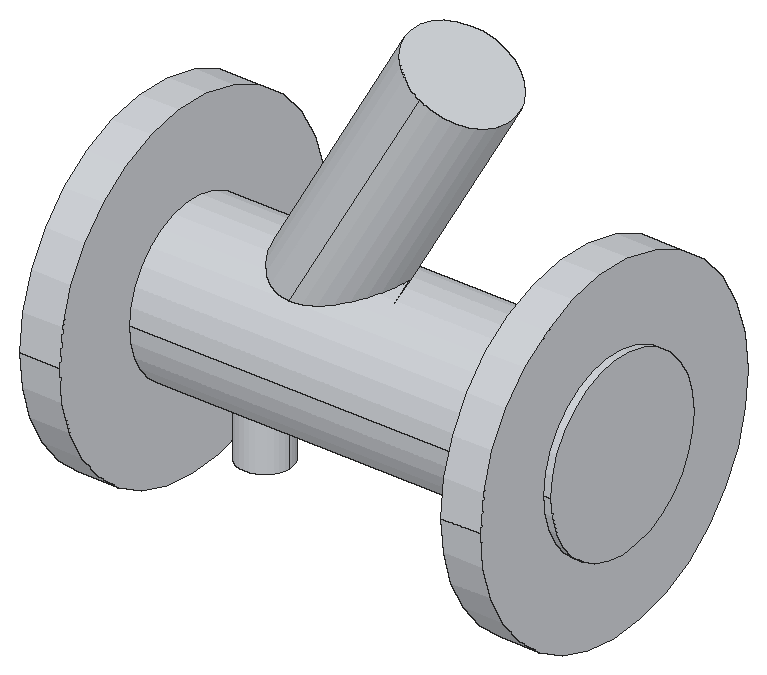
Revit family "HS 821-síto_jemné-PN25-DN020-RFA_2018", category Pipe Accessories, Revit 2018
Family settings
  Round Connector Dimension = Use Diameter
  Part Type = Breaks Into
  Work Plane-Based = No
  Always vertical = Yes
  Cut with Voids When Loaded = No
  Shared = No
Parameters (values of type "821D-DN020-PN25-síto_jemné")
  magiProductId = "270e0f14012f47189cd0235c18faee"
  magiProductFamilyId = "79214ac3aaa945e397802f559f5c1e"
  magiPartTypeId = 307
  isMeasuringValve [instance] = no
  ang2D [instance] = 0.00°
  ZB__ve = -ZB  # -17.75 mm
  ZB1 = 22.68 mm
  ZB = 17.75 mm
  X2 = 51.673 mm
  X1 = 21 mm
  W2D = 15 mm
  VersionID = "2.0/2017.9.26.1/ZETKAMA_821_001"
  Use Minimum Symbol Size [instance] = yes
  URL = "www.hydronic.cz"
  Type Comments = "Filtr přírubový; síto jemné; A-PN16 (-10~300°C); D-PN25 (-10~350°C); F-PN40 (-10~400°C)"
  S = 56 mm
  QmdConnectorList = "301;D;302;D"
  Productdata [instance] = ""
  Manufacturer = "Hydronic Systems Prague s.r.o."
  MC Product Code = "210 220 (821D; DN020; PN25; kvs9,6; oko síta 0,63mm)"
  LM1 = 12 mm
  LM = 120 mm
  L4 = 37.5 mm
  L2D_Min = 3048 mm
  L2D = 130 mm
  L2 = 75 mm
  HH2 = 89.5 mm
  FD = 105 mm
  Description = "Filtr přírubový; síto jemné; 821A-PN16; 821D-PN25; 821F-PN40"
  DM1 = 33.6 mm
  DM = 50.4 mm
  D = 20 mm
  CC = 2.55 mm
  CAT0 = yes
  C1 = 12.45 mm
  C = 15 mm
  BD = 15.876 mm
Types (40, lengths in mm): name | magiProductId | ZB__ve | ZB1 | ZB | X2 | X1 | S | MC Product Code | LM1 | LM | L4 | L2 | HH2 | FD | DM1 | DM | D | CC | C1 | C | BD
  821A-DN015-PN16-síto_jemné | "a71bcfe8b393460598b23e8ddf7dc5" | -16.25 | 18.63 | 16.25 | 46.982 | 18.2 | 46 | "210 115 (821A; DN015; PN16; kvs6,2; oko síta 0,63mm)" | 10.4 | 104 | 32.5 | 65 | 81.375 | 95 | 27.6 | 41.4 | 15 | 2.21 | 10.79 | 13 | 13.041
  821A-DN020-PN16-síto_jemné | "41cd6c7a12924f4991217528336076" | -17.75 | 22.68 | 17.75 | 51.673 | 21 | 56 | "210 120 (821A; DN020; PN16; kvs9,6; oko síta 0,63mm)" | 12 | 120 | 37.5 | 75 | 89.5 | 105 | 33.6 | 50.4 | 20 | 2.55 | 12.45 | 15 | 15.876
  821A-DN025-PN16-síto_jemné | "be378b463ed14c3abf4c9b3ae8cf3a" | -19.25 | 26.325 | 19.25 | 58.601 | 22.4 | 65 | "210 125 (821A; DN025; PN16; kvs14,2; oko síta 0,63mm)" | 12.8 | 128 | 40 | 80 | 101.5 | 115 | 43.2 | 58.5 | 25 | 2.72 | 13.28 | 16 | 18.427
  821A-DN032-PN16-síto_jemné | "227a0d18b21540afabe8b6067d35fa" | -23 | 30.78 | 23 | 68.849 | 25.2 | 76 | "210 132 (821A; DN032; PN16; kvs23,1; oko síta 0,63mm)" | 14.4 | 144 | 45 | 90 | 119.25 | 140 | 50.4 | 68.4 | 32 | 3.06 | 14.94 | 18 | 21.546
  821A-DN040-PN16-síto_jemné | "d106917c74724141a10440112d0102" | -24.5 | 34.02 | 24.5 | 75.777 | 28 | 84 | "210 140 (821A; DN040; PN16; kvs36,6; oko síta 0,63mm)" | 16 | 160 | 50 | 100 | 131.25 | 150 | 60 | 75.6 | 40 | 3.4 | 16.6 | 20 | 23.814
  821A-DN050-PN16-síto_jemné | "8255d456a09e4f6486734f5dd9171b" | -26.75 | 40.095 | 26.75 | 79.061 | 32.2 | 99 | "210 150 (821A; DN050 PN16; kvs53,7; oko síta 0,63mm)" | 18.4 | 184 | 57.5 | 115 | 136.938 | 165 | 73.8 | 89.1 | 50 | 3.91 | 19.09 | 23 | 28.066
  821A-DN065-PN16-síto_jemné | "235b1b3e4c0843779a4d5e3716d40a" | -29.75 | 47.79 | 29.75 | 86.927 | 40.6 | 118 | "210 165 (821A; DN065; PN16; kvs95,1; oko síta 0,63mm)" | 23.2 | 232 | 72.5 | 145 | 150.562 | 185 | 94.2 | 106.2 | 65 | 4.93 | 24.07 | 29 | 33.453
  821A-DN080-PN16-síto_jemné | "a067f7c5236348ed8c820d16df7214" | -32 | 53.46 | 32 | 104.753 | 43.4 | 132 | "210 180 (821A; DN080; PN16; kvs137,1; oko síta 0,63mm)" | 24.8 | 248 | 77.5 | 155 | 181.438 | 200 | 107.4 | 118.8 | 80 | 5.27 | 25.73 | 31 | 37.422
  821A-DN100-PN16-síto_jemné | "c49a648c2747461285837d643703cd" | -35 | 63.18 | 35 | 114.857 | 49 | 156 | "210 190 (821A; DN100; PN16; kvs206,4; oko síta 0,63mm)" | 28 | 280 | 87.5 | 175 | 198.937 | 220 | 131.4 | 140.4 | 100 | 5.95 | 29.05 | 35 | 44.226
  821A-DN125-PN16-síto_jemné | "bf68e728a163493cbd2a663b26ebdc" | -39.5 | 74.52 | 39.5 | 131.888 | 56 | 184 | "210 191 (821A; DN125; PN16; kvs268,8; oko síta 0,63mm)" | 32 | 320 | 100 | 200 | 228.438 | 250 | 165 | 165.6 | 125 | 6.8 | 33.2 | 40 | 52.164
  821A-DN150-PN16-síto_jemné | "2de770284b654863ae6bc865769dc5" | -44.75 | 85.455 | 44.75 | 155.885 | 67.2 | 211 | "210 192 (821A; DN150; PN16; kvs401,4; oko síta 0,63mm)" | 38.4 | 384 | 120 | 240 | 270 | 285 | 192 | 189.9 | 150 | 8.16 | 39.84 | 48 | 59.818
  821A-DN200-PN16-síto_jemné | "8e5693371ab64aabb29a7f08c76e15" | -53 | 107.73 | 53 | 188.361 | 84 | 266 | "210 193 (821A; DN200; PN16; kvs706,7; oko síta 0,63mm)" | 48 | 480 | 150 | 300 | 326.25 | 340 | 252 | 239.4 | 200 | 10.2 | 49.8 | 60 | 75.411
  821A-DN250-PN16-síto_jemné | "05e37ed948c34047acdd4c42556504" | -62.75 | 129.195 | 62.75 | 255.911 | 102.2 | 319 | "210 194 (821A; DN250; PN16; kvs1229,4; oko síta 0,63mm)" | 58.4 | 584 | 182.5 | 365 | 443.25 | 405 | 309.6 | 287.1 | 250 | 12.41 | 60.59 | 73 | 90.436
  821A-DN300-PN16-síto_jemné | "9ad0af747269428da925480d83ce80" | -71 | 149.85 | 71 | 325.914 | 119 | 370 | "210 195 (821A; DN300; PN16; kvs1902,4; oko síta 0,63mm)" | 68 | 680 | 212.5 | 425 | 564.5 | 460 | 369.6 | 333 | 300 | 14.45 | 70.55 | 85 | 104.895
  821A-DN350-PN16-síto_jemné | "eebc71459bb3451bb4355e7951370a" | -80 | 173.745 | 80 | 356.875 | 137.2 | 429 | "200 196 (821A; DN350; PN16; kvs2611,0; oko síta 0,63mm)" | 78.4 | 784 | 245 | 490 | 618.125 | 520 | 438 | 386.1 | 350 | 16.66 | 81.34 | 98 | 121.621
  821A-DN400-PN16-síto_jemné | "d2f677cb196647e385b2590e7d8abe" | -89 | 194.4 | 89 | 392.237 | 154 | 480 | "210 197 (821A; DN400; PN16; kvs3438,4; oko síta 0,63mm)" | 88 | 880 | 275 | 550 | 679.375 | 580 | 498 | 432 | 400 | 18.7 | 91.3 | 110 | 136.08
  821D-DN015-PN25-síto_jemné | "27ddcbf555414f8ca1fde329bf9087" | -16.25 | 18.63 | 16.25 | 46.982 | 18.2 | 46 | "210 215 (821D; DN015; PN25; kvs6,2; oko síta 0,63mm)" | 10.4 | 104 | 32.5 | 65 | 81.375 | 95 | 27.6 | 41.4 | 15 | 2.21 | 10.79 | 13 | 13.041
  821D-DN020-PN25-síto_jemné | "270e0f14012f47189cd0235c18faee" | -17.75 | 22.68 | 17.75 | 51.673 | 21 | 56 | "210 220 (821D; DN020; PN25; kvs9,6; oko síta 0,63mm)" | 12 | 120 | 37.5 | 75 | 89.5 | 105 | 33.6 | 50.4 | 20 | 2.55 | 12.45 | 15 | 15.876
  821D-DN025-PN25-síto_jemné | "b9a7fb4aa36643878c637d8e1ab992" | -19.25 | 26.325 | 19.25 | 58.601 | 22.4 | 65 | "210 225 (821D; DN025; PN25; kvs14,2; oko síta 0,63mm)" | 12.8 | 128 | 40 | 80 | 101.5 | 115 | 43.2 | 58.5 | 25 | 2.72 | 13.28 | 16 | 18.427
  821D-DN032-PN25-síto_jemné | "6be9a55c4e68400f94eec7e804204c" | -23 | 30.78 | 23 | 68.849 | 25.2 | 76 | "210 232 (821D; DN032; PN25; kvs23,1; oko síta 0,63mm)" | 14.4 | 144 | 45 | 90 | 119.25 | 140 | 50.4 | 68.4 | 32 | 3.06 | 14.94 | 18 | 21.546
  821D-DN040-PN25-síto_jemné | "c54511bd7f584ec2984291479612cb" | -24.5 | 34.02 | 24.5 | 75.777 | 28 | 84 | "210 240 (821D; DN040; PN25; kvs36,6; oko síta 0,63mm)" | 16 | 160 | 50 | 100 | 131.25 | 150 | 60 | 75.6 | 40 | 3.4 | 16.6 | 20 | 23.814
  821D-DN050-PN25-síto_jemné | "5483b1f596b04cd39b23a14a22c90e" | -26.75 | 40.095 | 26.75 | 79.061 | 32.2 | 99 | "210 250 (821D; DN050; PN25; kvs53,7; oko síta 0,63mm)" | 18.4 | 184 | 57.5 | 115 | 136.938 | 165 | 73.8 | 89.1 | 50 | 3.91 | 19.09 | 23 | 28.066
  821D-DN065-PN25-síto_jemné | "767b0f8318e94750bc7a9930ed5b30" | -29.75 | 47.79 | 29.75 | 86.927 | 40.6 | 118 | "210 265 (821D; DN065; PN25; kvs95,1; oko síta 0,63mm)" | 23.2 | 232 | 72.5 | 145 | 150.562 | 185 | 94.2 | 106.2 | 65 | 4.93 | 24.07 | 29 | 33.453
  821D-DN080-PN25-síto_jemné | "e21040fa3cc2404b858198f6b73709" | -32 | 53.46 | 32 | 104.753 | 43.4 | 132 | "210 280 (821D; DN080; PN25; kvs137,1; oko síta 0,63mm)" | 24.8 | 248 | 77.5 | 155 | 181.438 | 200 | 107.4 | 118.8 | 80 | 5.27 | 25.73 | 31 | 37.422
  821D-DN100-PN25-síto_jemné | "175ca87a506b40b3bc6b82f12f33cf" | -37.25 | 63.18 | 37.25 | 114.857 | 49 | 156 | "210 290 (821D; DN100; PN25; kvs206,4; oko síta 0,63mm)" | 28 | 280 | 87.5 | 175 | 198.937 | 235 | 131.4 | 140.4 | 100 | 5.95 | 29.05 | 35 | 44.226
  821D-DN125-PN25-síto_jemné | "77cc98d60da24855999a22dff726b2" | -42.5 | 74.52 | 42.5 | 131.888 | 56 | 184 | "210 291 (821D; DN125; PN25; kvs268,8; oko síta 0,63mm)" | 32 | 320 | 100 | 200 | 228.438 | 270 | 165 | 165.6 | 125 | 6.8 | 33.2 | 40 | 52.164
  821D-DN150-PN25-síto_jemné | "9cf8acfcd15547d68e83172d3abcbe" | -47 | 85.455 | 47 | 155.885 | 67.2 | 211 | "210 292 (821D; DN150; PN25; kvs401,4; oko síta 0,63mm)" | 38.4 | 384 | 120 | 240 | 270 | 300 | 192 | 189.9 | 150 | 8.16 | 39.84 | 48 | 59.818
  821D-DN200-PN25-síto_jemné | "16973f3c9ea14389ba8602495a6b64" | -56 | 110.97 | 56 | 188.361 | 84 | 274 | "210 293 (821D; DN200; PN25; kvs706,7; oko síta 0,63mm)" | 48 | 480 | 150 | 300 | 326.25 | 360 | 252 | 246.6 | 200 | 10.2 | 49.8 | 60 | 77.679
  821F-DN015-PN40-síto_jemné | "4c7eaf3c4c0340888b3e684d8a8616" | -16.25 | 18.225 | 16.25 | 46.982 | 18.2 | 45 | "250 615 (821F; DN015; PN40; kvs6,2; oko síta 0,63mm)" | 10.4 | 104 | 32.5 | 65 | 81.375 | 95 | 27.6 | 40.5 | 15 | 2.21 | 10.79 | 13 | 12.757
  821F-DN020-PN40-síto_jemné | "aaac5f1ec96b44d6ba96ac2293d66d" | -17.75 | 23.49 | 17.75 | 51.673 | 21 | 58 | "250 620 (821F; DN020; PN40; kvs9,6; oko síta 0,63mm)" | 12 | 120 | 37.5 | 75 | 89.5 | 105 | 33.6 | 52.2 | 20 | 2.55 | 12.45 | 15 | 16.443
  821F-DN025-PN40-síto_jemné | "504768023968471481789485b54c7e" | -19.25 | 27.54 | 19.25 | 58.601 | 22.4 | 68 | "250 625 (821F; DN025; PN40; kvs14,2; oko síta 0,63mm)" | 12.8 | 128 | 40 | 80 | 101.5 | 115 | 43.2 | 61.2 | 25 | 2.72 | 13.28 | 16 | 19.278
  821F-DN032-PN40-síto_jemné | "165e7f39cf744f329bdf1c400dad12" | -23 | 31.59 | 23 | 68.849 | 25.2 | 78 | "250 632 (821F; DN032; PN40; kvs23,1; oko síta 0,63mm)" | 14.4 | 144 | 45 | 90 | 119.25 | 140 | 50.4 | 70.2 | 32 | 3.06 | 14.94 | 18 | 22.113
  821F-DN040-PN40-síto_jemné | "b8903f952089408fbf3a5a632bab1f" | -24.5 | 35.64 | 24.5 | 75.777 | 28 | 88 | "250 640 (821F; DN040; PN40; kvs36,6; oko síta 0,63mm)" | 16 | 160 | 50 | 100 | 131.25 | 150 | 60 | 79.2 | 40 | 3.4 | 16.6 | 20 | 24.948
  821F-DN050-PN40-síto_jemné | "c451f97266fe48da8f879cb6a2bd44" | -26.75 | 41.31 | 26.75 | 79.061 | 32.2 | 102 | "250 650 (821F; DN050; PN40; kvs53,7; oko síta 0,63mm)" | 18.4 | 184 | 57.5 | 115 | 136.938 | 165 | 73.8 | 91.8 | 50 | 3.91 | 19.09 | 23 | 28.917
  821F-DN065-PN40-síto_jemné | "dc9821e3f9b34e128f6a8c6b34c198" | -29.75 | 49.41 | 29.75 | 86.927 | 40.6 | 122 | "250 665 (821F; DN065; PN40; kvs95,1; oko síta 0,63mm)" | 23.2 | 232 | 72.5 | 145 | 150.562 | 185 | 94.2 | 109.8 | 65 | 4.93 | 24.07 | 29 | 34.587
  821F-DN080-PN40-síto_jemné | "689aa1e260f84cf4994f027a1d86b5" | -32 | 55.89 | 32 | 104.753 | 43.4 | 138 | "250 680 (821F; DN080; PN40; kvs137,1; oko síta 0,63mm)" | 24.8 | 248 | 77.5 | 155 | 181.438 | 200 | 107.4 | 124.2 | 80 | 5.27 | 25.73 | 31 | 39.123
  821F-DN100-PN40-síto_jemné | "8a45d4e8e2ab425f8c432f21d684f3" | -37.25 | 65.61 | 37.25 | 114.857 | 49 | 162 | "250 690 (821F; DN100; PN40; kvs206,4; oko síta 0,63mm)" | 28 | 280 | 87.5 | 175 | 198.937 | 235 | 131.4 | 145.8 | 100 | 5.95 | 29.05 | 35 | 45.927
  821F-DN125-PN40-síto_jemné | "cf073904c006406b8645afa67ea2fc" | -42.5 | 76.14 | 42.5 | 131.888 | 56 | 188 | "250 691 (821F; DN125; PN40; kvs268,8; oko síta 0,63mm)" | 32 | 320 | 100 | 200 | 228.438 | 270 | 165 | 169.2 | 125 | 6.8 | 33.2 | 40 | 53.298
  821F-DN150-PN40-síto_jemné | "0153b9ddabe14992a630484929fdbc" | -47 | 88.29 | 47 | 155.885 | 67.2 | 218 | "250 692 (821F; DN150; PN40; kvs401,4; oko síta 0,63mm)" | 38.4 | 384 | 120 | 240 | 270 | 300 | 192 | 196.2 | 150 | 8.16 | 39.84 | 48 | 61.803
  821F-DN200-PN40-síto_jemné | "7fb3fc01dd8d42428c203e3f8dd4d5" | -56 | 115.425 | 56 | 188.361 | 84 | 285 | "250 693 (821F; DN200; PN40; kvs706,7; oko síta 0,63mm)" | 48 | 480 | 150 | 300 | 326.25 | 360 | 252 | 256.5 | 200 | 10.2 | 49.8 | 60 | 80.797
Reference planes
  plane 1 "Center (Front/Back)": y = 0
  plane 2 "XYPLANE": z = 0
  plane 3 "Center (Left/Right)": x = 0
  plane 4 "109": x = -48
  plane 5 "108": x = 60
  plane 6 "107": x = -60
  plane 7 "105": x = 75
  plane 8 "104": x = -75
  plane 9 "103": y = 0
  plane 10 "102": z = 0
  plane 11 "101": x = -72.45
  plane 12 "100": x = 72.45
  plane 13 "11": x = -27
  plane 14 "10": z = 89.5
  plane 15 "9": x = 24.673
  plane 16 "5": z = -22.68
  plane 17 "4": x = -37.5
  plane 18 "1": x = 37.5
Forms (mm)
  Extrusion 1, solid, visible <- "CAT0"
    sketch origin (-60, -750, 0) x (0, 1, 0) y (0, 0, 1)
      loop
        circle (750, 0) r 25.2
    from 0 to 120 <- "LM"
  Extrusion 2, solid
    sketch origin (-75, -750, 0) x (0, 1, 0) y (0, 0, 1)
      loop
        circle (750, 0) r 28
    from 0 to 2.55 <- "CC"
  Extrusion 3, solid
    sketch origin (-72.45, -750, 0) x (0, 1, 0) y (0, 0, 1)
      loop
        circle (750, 0) r 52.5
    from 0 to 12.45 <- "C1"
  Extrusion 4, solid
    sketch origin (60, -750, 0) x (0, 1, 0) y (0, 0, 1)
      loop
        circle (750, 0) r 52.5
    from 0 to 12.45 <- "C1"
  Extrusion 5, solid
    sketch origin (72.45, -750, 0) x (0, 1, 0) y (0, 0, 1)
      loop
        circle (750, 0) r 28
    from 0 to 2.55 <- "CC"
  Sweep 6, solid, visible <- "CAT0"
    path origin (750, 0, 0) x (-1, 0, 0) y (0, 0, 1)
      loop
        line (810, 0) -> (777, 0) -> (725.327, 89.5)
    profile origin (-60, 0, 0) x (0, 0, -1) y (0, 1, 0)
      loop
        circle (0, 0) r 16.8
  Extrusion 7, solid, visible <- "CAT0"
    sketch origin (-750, 0, -22.68) x (1, 0, 0) y (0, 1, 0)
      loop
        circle (712.5, 0) r 7.938
    from 0 to -17.75 <- "ZB__ve"
  Extrusion 8, solid, visible <- "CAT0"
    sketch origin (-750, 0, -22.68) x (1, 0, 0) y (0, 1, 0)
      loop
        circle (787.5, 0) r 7.938
    from 0 to -17.75 <- "ZB__ve"
  Extrusion 9, solid, not visible
    sketch origin (75, -750, 0) x (0, 1, 0) y (0, 0, 1)
      loop
        circle (750, 0) r 10
    from 0 to -10
  Extrusion 10, solid, not visible
    sketch origin (-75, -750, 0) x (0, 1, 0) y (0, 0, 1)
      loop
        circle (750, 0) r 10
    from 0 to 10
Lines and regions (mm)
  reference lines, not visible
    curve 1: circle (2, 2, 0) r 1 normal (0, 0, 1)
Dimensions and locks
  plane 1 "Center (Front/Back)" to curve 1 = 2 mm
  "LM1": plane 6 "107" to plane 4 "109"
  "LM": plane 6 "107" to plane 5 "108"
  "C": plane 8 "104" to plane 6 "107"
  "L2": plane 3 "Center (Left/Right)" to plane 7 "105"
  "L2": plane 3 "Center (Left/Right)" to plane 8 "104"
  locked: plane 1 "Center (Front/Back)" to plane 9 "103"
  locked: plane 2 "XYPLANE" to plane 10 "102"
  "CC": plane 8 "104" to plane 11 "101"
  "C1": plane 5 "108" to plane 12 "100"
  "X1": plane 4 "109" to plane 13 "11"
  "HH2": plane 2 "XYPLANE" to plane 14 "10"
  "X2": plane 13 "11" to plane 15 "9"
  "ZB1": plane 2 "XYPLANE" to plane 16 "5"
  "L4": plane 8 "104" to plane 17 "4"
  "L2": plane 17 "4" to plane 18 "1"
  Sweep 6 sketch curve to Sweep 6 sketch curve = 0 mm  (x2)
  "DM": diameter of Extrusion 1 sketch curve
  "S": diameter of Extrusion 2 sketch curve
  "FD": diameter of Extrusion 3 sketch curve
  "FD": diameter of Extrusion 4 sketch curve
  "S": diameter of Extrusion 5 sketch curve
  "DM1": diameter of Sweep 6 sketch curve
  "BD": diameter of Extrusion 7 sketch curve
  "BD": diameter of Extrusion 8 sketch curve
  aligned and locked: level to plane 2 "XYPLANE"
  aligned and locked: Extrusion 1 sketch curve to plane 9 "103"
  aligned and locked: plane 10 "102" to Extrusion 1 sketch curve
  aligned and locked: Extrusion 2 sketch curve to plane 9 "103"
  aligned and locked: plane 10 "102" to Extrusion 2 sketch curve
  aligned and locked: Extrusion 3 sketch curve to plane 9 "103"
  aligned and locked: plane 10 "102" to Extrusion 3 sketch curve
  aligned and locked: Extrusion 4 sketch curve to plane 9 "103"
  aligned and locked: plane 10 "102" to Extrusion 4 sketch curve
  aligned and locked: Extrusion 5 sketch curve to plane 9 "103"
  aligned and locked: plane 10 "102" to Extrusion 5 sketch curve
  aligned and locked: Sweep 6 sketch curve to plane 9 "103"
  aligned and locked: plane 10 "102" to Sweep 6 sketch curve  (x3)
  aligned and locked: plane 6 "107" to Sweep 6 sketch curve
  aligned and locked: plane 13 "11" to Sweep 6 sketch curve
  aligned and locked: plane 14 "10" to Sweep 6 sketch curve
  aligned and locked: plane 15 "9" to Sweep 6 sketch curve
  aligned and locked: plane 9 "103" to Extrusion 7 sketch curve
  aligned and locked: plane 17 "4" to Extrusion 7 sketch curve
  aligned and locked: plane 9 "103" to Extrusion 8 sketch curve
  aligned and locked: plane 18 "1" to Extrusion 8 sketch curve
  aligned and locked: Extrusion 9 sketch curve to plane 9 "103"
  aligned and locked: plane 10 "102" to Extrusion 9 sketch curve
  aligned and locked: Extrusion 10 sketch curve to plane 9 "103"
  aligned and locked: plane 10 "102" to Extrusion 10 sketch curve
Automatic sketch dimensions
  plane 1 "Center (Front/Back)" to Extrusion 9 sketch curve = 10 mm
  plane 1 "Center (Front/Back)" to Extrusion 10 sketch curve = 10 mm
  plane 3 "Center (Left/Right)" to curve 1 = 2 mm
  radius of curve 1 = 1 mm
Connectors
  piping at (-75, 0, 0), diameter 20, driven by "D"
    settings: on Extrusion 10, index 1, connector inside diameter 609.6 mm, connector length 0 mm, flow factor 0, pipe flow 0.0 L/s, pressure drop 0.0 Pa, fitting loss kfactor 0, connector angle 0.00°, fixture units 0, engagement length 0 mm, angle of deflection 0.00°, flow configuration 0, flow direction 0, fitting loss method 0, system type 29, joint type 0, gender type 0, connector reference index 2, connector utility 0, adjustable connector no, is connector primary yes, connector description ""
  piping at (75, 0, 0), diameter 20, driven by "D"
    settings: on Extrusion 9, index 2, connector inside diameter 609.6 mm, connector length 0 mm, flow factor 0, pipe flow 0.0 L/s, pressure drop 0.0 Pa, fitting loss kfactor 0, connector angle 0.00°, fixture units 0, engagement length 0 mm, angle of deflection 0.00°, flow configuration 0, flow direction 0, fitting loss method 0, system type 29, joint type 0, gender type 0, connector reference index 1, connector utility 0, adjustable connector no, is connector primary no, connector description ""
